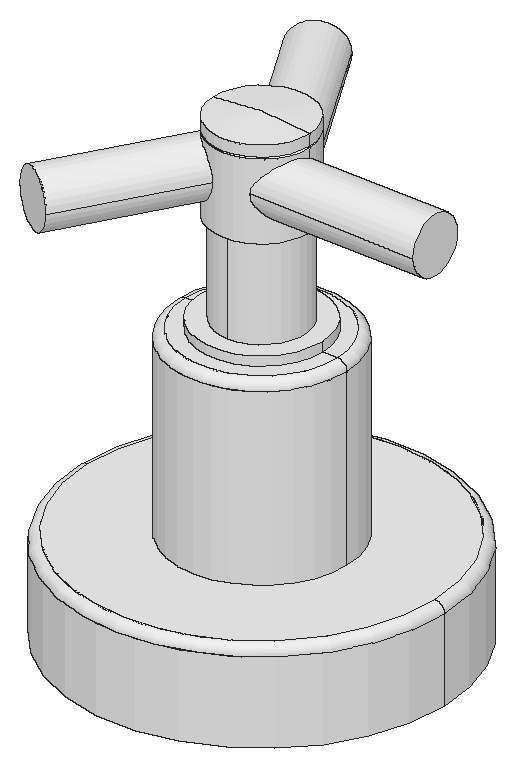
Revit family "Incepa_Zip_Acabamento Registro Base Reforma_1.2-3.4-1", category Plumbing Fixtures, host Face, Revit 2014
Parameters (values of type "Para base reforma 1/2", 3/4" e 1"")
  Waste Connection = no
  WFU = 0
  Vent Connection = no
  URL = "http://www.incepa.com.br"
  Type Comments = ""
  Selo de Qualidade ofcdesk = "Standard"
  Outros Complementos [instance] = "N/A"
  Model = "B5009I9CR3"
  Metais [instance] = Celite - Cromado
  Manufacturer = "Incepa"
  Keynote = ""
  Incepa: Versão = "Autodesk Revit MEP 2014"
  Incepa: Tipo = "Acabamentos"
  Incepa: Produto = "Metais"
  Incepa: Norma = "ABNT NBR 10283: 2008 - Requisitos e métodos de ensaio"
  Incepa: Linha = "Incepa One"
  Incepa: Informações Técnicas [instance] = "N/A"
  Incepa: Informações Gerais [instance] = "N/A"
  Incepa: Fabricante = "Incepa"
  Incepa: Descrição = "Acabamento de registro para base reforma 1/2\", 3/4\" e 1\" (B5009I9CR3), linha Incepa One - Metais Incepa"
  Incepa: Código = "B5009I9CR3"
  Incepa: Cores Disponíveis = "Cromado"
  Incepa: Copyright © = "© 2014 Incepa"
  Incepa: Complementos = "N/A"
  Incepa: Categoria = "Lavatório"
  Incepa: Altura da Peça [instance] = 0 mm
  HWFU = 0
  HW Connection = no
  Desenvolvido por = "ofcdesk"
  Description = "Acabamento de registro para base reforma 1/2\", 3/4\" e 1\" (B5009I9CR3), linha Incepa One - Metais Incepa"
  Default Elevation = 1200 mm
  Cost = 0
  Celite: Vazão de Projeto [instance] = 0.00 L/s
  CWFU = 0
  CW Connection = no
  Assembly Code = "D2010"
Reference planes
  plane 1 "Center (Front/Back)": y = 0
  plane 2: z = 0
  plane 3 "Center (Left/Right)": x = 0
  plane 4: z = 77
  plane 5: z = 69
Forms (mm)
  Sweep 1, solid, material "Celite - Cromado" <- "Metais"
    path origin (0, 0, 0) x (1, 0, 0) y (0, 1, 0)
      loop
        circle (0, 0) r 30
    profile origin (0, 30, 0) x (0, -1, 0) y (0, 0, 1)
      loop
        line (0, 0) -> (3.978, 0) -> (3.978, 15) -> (1.5, 15)
        arc (1.5, 15) -> (0.439, 14.561) -> (0, 13.5) r 1.5
        line (0, 13.5) -> (0, 0)
  Extrusion 2, solid, material "Celite - Cromado" <- "Metais"
    sketch origin (0, 0, 15) x (1, 0, 0) y (0, 1, 0)
      loop
        circle (0, 0) r 11.228
      loop
        circle (0, 0) r 26.022
    from 0 to -3
  Extrusion 3, solid, material "Celite - Cromado" <- "Metais"
    sketch origin (0, 0, 61.797) x (0, 1, 0) y (1, 0, 0)
      loop
        circle (0, 0) r 7
      loop
        circle (0, 0) r 5
    from 0 to 16.802
  Sweep 4, solid, material "Celite - Cromado" <- "Metais"
    path origin (-1524, -4572, 69) x (-1, 0, 0) y (0, -1, 0)
      loop
        line (-1524, -4569.5) -> (-1554.5, -4569.5)
    profile origin (15.25, -2.5, 69) x (0, 1, 0) y (0, 0, 1)
      loop
        circle (0, 0) r 4.5
  Revolve 5, solid, material "Celite - Cromado" <- "Metais"
    sketch origin (0, 0, 0) x (1, 0, 0) y (0, 0, 1)
      loop
        line (0, 61.797) -> (0, 77)
        arc (0, 77) -> (-3.953, 76.824) -> (-7.875, 76.296) r 44.421
        line (-7.875, 76.296) -> (-7.875, 74.554) -> (-6.848, 74.554) -> (-7.875, 74.22) -> (-7.875, 61.797) -> (0, 61.797)
      axis (0, 77) -> (0, 61.797)
    angle from 0 to 360
  Extrusion 6, solid, material "Celite - Cromado" <- "Metais"
    sketch origin (0, 0, 44.994) x (1, 0, 0) y (0, 1, 0)
      loop
        circle (0, 0) r 10
      loop
        circle (0, 0) r 7
    from 0 to 1.511
  Sweep 7, solid, material "Celite - Cromado" <- "Metais"
    path origin (4721.468, 966.177, 69) x (0.5, -0.866025, 0) y (0.866025, 0.5, 0)
      loop
        line (-1524, -4569.5) -> (-1554.5, -4569.5)
    profile origin (-5.46, 14.457, 69) x (-0.866025, -0.5, 0) y (0, 0, 1)
      loop
        circle (0, 0) r 4.5
  Sweep 8, solid, material "Celite - Cromado" <- "Metais"
    path origin (-3197.468, 3605.823, 69) x (0.5, 0.866025, 0) y (-0.866025, 0.5, 0)
      loop
        line (-1524, -4569.5) -> (-1554.5, -4569.5)
    profile origin (-9.79, -11.957, 69) x (0.866025, -0.5, 0) y (0, 0, 1)
      loop
        circle (0, 0) r 4.5
  Revolve 9, solid, material "Celite - Cromado" <- "Metais"
    sketch origin (0, 0, 0) x (1, 0, 0) y (0, 0, 1)
      loop
        line (-11.228, 15) -> (-11.228, 42.738) -> (-5, 42.738) -> (-5, 44.994) -> (-12.5, 44.994)
        arc (-12.5, 44.994) -> (-13.561, 44.555) -> (-14, 43.494) r 1.5
        line (-14, 43.494) -> (-14, 15) -> (-11.228, 15)
      axis (0, 44.994) -> (0, 15)
    angle from 0 to 360
Cuts and joins
  joined: Sweep 1, Extrusion 2, Extrusion 3, Sweep 4, Revolve 5, Extrusion 6, Sweep 7, Sweep 8, Revolve 9
Dimensions and locks
  locked: plane 4 to level at 77
  locked: plane 4 to plane 5 at 8
  plane 4 to Revolve 5 sketch curve to Revolve 5 sketch curve = 0.704 mm locked, 14.5 mm locked
  radius of Revolve 9 sketch curve = 1.5 mm
  radius of Revolve 5 sketch curve = 44.421 mm
  aligned and locked: plane 2 to host face
  aligned and locked: level to host face
  aligned and locked: plane 4 to Revolve 5 sketch curve
